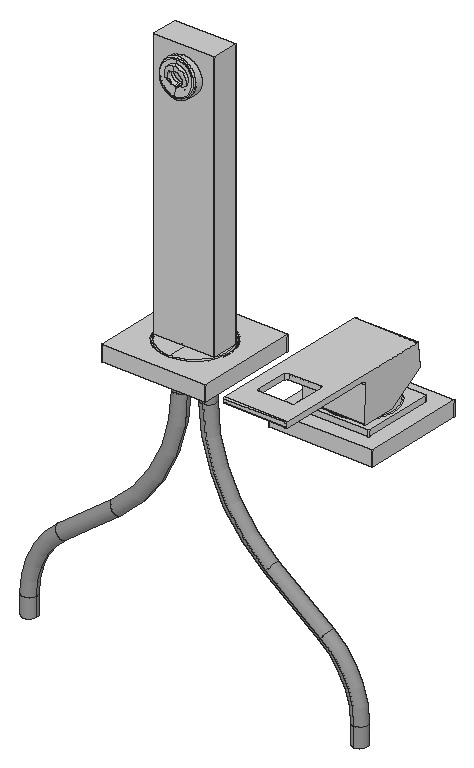
Revit family "Plumbing_Fixtures-Grohe-Eurocube-Two_Hole_Basin_Mixer-12-METRIC", category Plumbing Fixtures, host Face, Revit 2012
Parameters (values of type "19 895 000_Chrome")
  _distributed by = "www.bimstore.co.uk"
  _current revision = 1
  _created date = "September 2013"
  _created by = "Ryan Wigham"
  _BIMspec_GUID = 0
  Waste Connection = no
  WarrantyStartDate = ""
  WarrantyGuarantorParts = ""
  WarrantyGuarantorLabor = ""
  WarrantyDurationUnit = ""
  WarrantyDurationParts = ""
  WarrantyDurationLabor = ""
  WarrantyDuration = ""
  WarrantyDescription = ""
  Warranty Infomation = "N/A"
  WFU = 0
  Vent Connection = no
  Valve Spacing = 34 mm
  Uniclass2 = ""
  URL = "www.grohe.com"
  TypeName = ""
  Type Comments = "Two hole basin mixer. Wall mounted."
  TagNumber = 0
  SpareParts = "http://www.grohe.com/uk/5535/bathroom/tap-mixer/eurocube/product-details/?product=19895-G318&color=000"
  SerialNumber = 0
  ReplacementCost = ""
  Product Page URL = "http://www.grohe.com/uk/5535/bathroom/tap-mixer/eurocube/product-details/?product=19895-G318&color=000"
  Product Documentation Link = "http://cdn08.grohe.com/lib/1/tpi/1511120.pdf"
  Percentage of Recycled Content = 0
  Operating Pressure = "1 bar"
  Valve Offset [instance] = 0 mm
  Name = Model  # "Eurocube 19895 000"
  ModelNumber = Model  # "Eurocube 19895 000"
  Model = "Eurocube 19895 000"
  Mixing Leaver = no
  Material = Grohe-Chrome
  Masterformat Title [instance] = "Residential Faucets, Supplies & Trim"
  Masterformat Number [instance] = "22 41 39"
  Manufacturer = "Grohe AG"
  MaintenanceInformation = "http://cdn08.grohe.com/lib/1/tpi/1734224.pdf"
  Low Emitting Material = yes
  LEED Credit = ""
  Keynote = "N13"
  InstallationDate = ""
  Industry Standards = "N/A"
  Hot Water Radius = Hot Water Conection Diamiter / 2  # 4.8 mm
  Hot Water Conection Diamiter = 9.6 mm
  HWFU = 4.5
  HW Connection = yes
  Flow Rate = "9L/min"
  ExpectedLife = 0
  Exidentifier = ""
  Ecojoy = no
  DurationUnit = ""
  Description = "2-hole basin mixer wall mounted set for final installation for 32635000 without concealed body metal lever GROHE StarLight® chrome finish metal escutcheon GROHE AquaGuide adjustable mousseur centre distance 110 mm projection 171 mm"
  Default Elevation = 600 mm
  CreatedOn = ""
  CreatedBy = ""
  Cost = 0
  Contact Grohe = "GROHE Limited, World Business Centre 2, Newall Road, London Heathrow Airport, Hounslow, Middlesex, TW6 2SF - Tel: +44 (0) 871 200 3414 - Fax: +44 (0) 871 200 3415 - EMail: info-uk@grohe.com"
  Cold Water Radius = Cold Water Conection Diamiter / 2  # 4.8 mm
  Cold Water Conection Diamiter = 9.6 mm
  CWFU = 4.5
  CW Connection = yes
  Barcode = 0
  AssetType = ""
  AssetIdentifier = ""
  Assembly Code = "C1030220"
  AccessibilityPerformance = ""
  ADA Compliant = yes
Reference planes
  plane 1 "Center (Front/Back)": y = 0
  plane 2: z = 0
  plane 3 "Center (Left/Right)": x = 0
  plane 4: z = 0
  plane 5: z = -190.227
  plane 6: x = 55
  plane 7 "Lever CL": x = 110
Forms (mm)
  Sweep 1, solid, material "Grohe-Pipework"
    path in 3D
      loop
        line (-108.829, 0, -190.227) -> (-108.829, 0, -177.649)
        arc (-108.829, 0, -177.649) -> (-103.051, 0, -153.108) -> (-86.929, 0, -133.724) r 55
        line (-86.929, 0, -133.724) -> (-50.809, 0, -106.506)
        arc (-50.809, 0, -106.506) -> (-20.032, 0, -69.5) -> (-9, 0, -22.649) r 105
        line (-9, 0, -22.649) -> (-9, 0, 0)
    profile origin (-20.032, 0, -69.5) x (-0.894934, 0, 0.446198) y (0, -1, 0)
      loop
        circle (0, 0) r 4.75
  Sweep 2, solid, material "Grohe-Pipework"
    path in 3D
      loop
        line (9, 0, 0) -> (9, 0, -22.649)
        arc (9, 0, -22.649) -> (20.032, 0, -69.5) -> (50.809, 0, -106.506) r 105
        line (50.809, 0, -106.506) -> (86.929, 0, -133.724)
        arc (86.929, 0, -133.724) -> (103.051, 0, -153.108) -> (108.829, 0, -177.649) r 55
        line (108.829, 0, -177.649) -> (108.829, 0, -190.227)
    profile origin (9, 0, -11.324) x (0, -1, 0) y (1, 0, 0)
      loop
        circle (0, 0) r 4.75
  Extrusion 3, solid, material "Grohe-Chrome" <- "Material"
    sketch origin (0, 0, 0) x (1, 0, 0) y (0, 1, 0)
      loop
        line (33.5, 34) -> (-33.5, 34)
        arc (-33.5, 34) -> (-33.854, 33.853) -> (-34, 33.5) r 0.5
        line (-34, 33.5) -> (-34, -33.5)
        arc (-34, -33.5) -> (-33.854, -33.854) -> (-33.5, -34) r 0.5
        line (-33.5, -34) -> (33.5, -34)
        arc (33.5, -34) -> (33.854, -33.854) -> (34, -33.5) r 0.5
        line (34, -33.5) -> (34, 33.5)
        arc (34, 33.5) -> (33.854, 33.853) -> (33.5, 34) r 0.5
      loop
        line (76.5, -34) -> (143.5, -34)
        arc (143.5, -34) -> (143.854, -33.853) -> (144, -33.5) r 0.5
        line (144, -33.5) -> (144, 33.5)
        arc (144, 33.5) -> (143.854, 33.854) -> (143.5, 34) r 0.5
        line (143.5, 34) -> (76.5, 34)
        arc (76.5, 34) -> (76.147, 33.854) -> (76, 33.5) r 0.5
        line (76, 33.5) -> (76, -33.5)
        arc (76, -33.5) -> (76.147, -33.853) -> (76.5, -34) r 0.5
      loop
        circle (0, 0) r 23.1
    from 0 to 10
  Revolve 4, solid, material "Grohe-Chrome" <- "Material"
    sketch origin (0, 0, 0) x (0, 1, 0) y (0, 0, 1)
      loop
        line (21.479, 10) -> (0, 10) -> (0, 0) -> (23.099, 0) -> (23.099, 9.5) -> (21.979, 9.5)
        arc (21.979, 9.5) -> (21.833, 9.854) -> (21.479, 10) r 0.5
      axis (0, 10) -> (0, 0)
    angle from 0 to 360
  Extrusion 5, solid, material "Grohe-Chrome" <- "Material"
    sketch origin (0, 0, 0) x (1, 0, 0) y (0, 1, 0)
      loop
        arc (-19.5, 9) -> (-19.854, 8.853) -> (-20, 8.5) r 0.5
        line (-20, 8.5) -> (-20, -8.5)
        arc (-20, -8.5) -> (-19.854, -8.854) -> (-19.5, -9) r 0.5
        line (-19.5, -9) -> (19.5, -9)
        arc (19.5, -9) -> (19.854, -8.854) -> (20, -8.5) r 0.5
        line (20, -8.5) -> (20, 8.5)
        arc (20, 8.5) -> (19.854, 8.853) -> (19.5, 9) r 0.5
        line (19.5, 9) -> (-19.5, 9)
    from 10.5 to 187.355
  Revolve 6, solid, material "Grohe-Chrome" <- "Material"
    sketch origin (0, 0, 0) x (0, 1, 0) y (0, 0, 1)
      loop
        line (-9, 158.198) -> (-9, 170.043) -> (-15.299, 170.595) -> (-16.222, 160.044) -> (-15.876, 159.302)
        arc (-15.876, 159.302) -> (-15.543, 158.905) -> (-15.057, 158.728) r 1
        line (-15.057, 158.728) -> (-9, 158.198)
      axis (-7.972, 169.954) -> (-15.299, 170.595)
    angle from 0 to 360
  Revolve 7, solid, material "Grohe-Chrome" <- "Material"
    sketch origin (0, 0, 0) x (0, 1, 0) y (0, 0, 1)
      loop
        spline (-16.704, 178.215) -> (-16.776, 178.116) -> (-16.833, 177.898) -> (-16.874, 177.566) -> (-16.899, 177.124) -> (-16.906, 176.579) -> (-16.897, 175.938) -> (-16.87, 175.211) -> (-16.827, 174.408) -> (-16.769, 173.542) -> (-16.695, 172.624) -> (-16.607, 171.668) -> (-16.506, 170.689)
        line (-16.506, 170.689) -> (-13.337, 171.191) -> (-14.567, 178.961)
        arc (-14.567, 178.961) -> (-15.66, 178.657) -> (-16.704, 178.215) r 8.775
      axis (-16.506, 170.689) -> (-13.337, 171.191)
    angle from 0 to 360
  Revolve 8, solid, material "Grohe-Chrome" <- "Material"
    sketch origin (0, 0, 0) x (0, 1, 0) y (0, 0, 1)
      loop
        line (0, 11.455) -> (0, 10) -> (7.882, 10) -> (8.5, 10.5) -> (8.5, 11.455) -> (0, 11.455)
      axis (0, 11.455) -> (0, 10)
    angle from 0 to 360
  Extrusion 9, solid, material "Grohe-Chrome" <- "Material"
    sketch origin (0, 0, 0) x (1, 0, 0) y (0, 1, 0)
      loop
        line (86.85, -23.65) -> (133.15, -23.65)
        arc (133.15, -23.65) -> (133.504, -23.504) -> (133.65, -23.15) r 0.5
        line (133.65, -23.15) -> (133.65, 23.15)
        arc (133.65, 23.15) -> (133.504, 23.503) -> (133.15, 23.65) r 0.5
        line (133.15, 23.65) -> (86.85, 23.65)
        arc (86.85, 23.65) -> (86.496, 23.503) -> (86.35, 23.15) r 0.5
        line (86.35, 23.15) -> (86.35, -23.15)
        arc (86.35, -23.15) -> (86.496, -23.504) -> (86.85, -23.65) r 0.5
    from 10 to 13.6
  Extrusion 10, solid, material "Grohe-Chrome" <- "Material"
    sketch origin (0, 0, 0) x (0, 1, 0) y (0, 0, 1)
      loop
        line (21.706, 30.164) -> (20.411, 44.965)
        arc (20.411, 44.965) -> (20.242, 45.307) -> (19.886, 45.445) r 0.526
        line (19.886, 45.445) -> (-86.934, 45.445)
        arc (-86.934, 45.445) -> (-87.287, 45.299) -> (-87.434, 44.945) r 0.5
        line (-87.434, 44.945) -> (-87.434, 42.445)
        arc (-87.434, 42.445) -> (-87.287, 42.092) -> (-86.934, 41.945) r 0.5
        line (-86.934, 41.945) -> (-25.276, 41.945)
        arc (-25.276, 41.945) -> (-23.122, 41.034) -> (-22.277, 38.853) r 3
        line (-22.277, 38.853) -> (-22.986, 15.91)
        arc (-22.986, 15.91) -> (-22.845, 15.547) -> (-22.487, 15.395) r 0.5
        line (-22.487, 15.395) -> (-1.119, 15.395) -> (21.338, 29.427)
        arc (21.338, 29.427) -> (21.626, 29.743) -> (21.706, 30.164) r 0.789
    from 89.369 to 130.632
  Extrusion 11, void
    sketch origin (0, 0, 0) x (1, 0, 0) y (0, 1, 0)
      loop
        line (97.75, -48.987) -> (97.75, -69.442)
        arc (97.75, -69.442) -> (98.336, -70.856) -> (99.75, -71.442) r 2
        line (99.75, -71.442) -> (120.233, -71.442)
        arc (120.233, -71.442) -> (121.648, -70.856) -> (122.233, -69.442) r 2
        line (122.233, -69.442) -> (122.233, -48.97)
        arc (122.233, -48.97) -> (121.653, -47.568) -> (120.251, -46.987) r 1.983
        line (120.251, -46.987) -> (99.75, -46.987)
        arc (99.75, -46.987) -> (98.336, -47.573) -> (97.75, -48.987) r 2
    from 15.395 to 70.656
  Revolve 12, solid, material "Grohe-Chrome" <- "Material"
    sketch origin (110, 0, 0) x (0, -1, 0) y (0, 0, 1)
      loop
        arc (-13.777, 24.702) -> (-18.033, 19.956) -> (-20.719, 14.174) r 21.6
        arc (-20.719, 14.174) -> (-21.007, 13.76) -> (-21.485, 13.6) r 0.8
        line (-21.485, 13.6) -> (0, 13.6) -> (0, 16.094) -> (-13.777, 24.702)
      axis (0, 24.702) -> (0, 13.6)
    angle from 0 to 360
  Revolve 13, void
    sketch origin (0, 0, 0) x (0, 1, 0) y (0, 0, 1)
      loop
        line (-11.572, 171.471) -> (-12.354, 176.409) -> (-20.766, 175.077) -> (-19.984, 170.138) -> (-11.572, 171.471)
      axis (-19.984, 170.138) -> (-11.572, 171.471)
    angle from 0 to 360
Cuts and joins
  Revolve 13 cuts Revolve 6
  joined: Extrusion 5, Revolve 6, Revolve 8
  Extrusion 11 cuts Extrusion 10
  joined: Extrusion 10, Revolve 12
  Revolve 13 cuts Revolve 7
Lines and regions (mm)
  reference lines
    curve 1: line (-9, 0, 0) -> (-9, 0, -22.649)
    curve 2: line (-50.809, 0, -106.506) -> (-86.929, 0, -133.724)
    curve 3: line (-108.829, 0, -177.649) -> (-108.829, 0, -190.227)
    curve 4: arc (-108.829, 0, -177.649) -> (-103.051, 0, -153.108) -> (-86.929, 0, -133.724) r 55
    curve 5: arc (-50.809, 0, -106.506) -> (-20.032, 0, -69.5) -> (-9, 0, -22.649) r 105
    curve 6: line (9, 0, 0) -> (9, 0, -22.649)
    curve 7: line (50.809, 0, -106.506) -> (86.929, 0, -133.724)
    curve 8: line (108.829, 0, -177.649) -> (108.829, 0, -190.227)
    curve 9: arc (108.829, 0, -177.649) -> (103.051, 0, -153.108) -> (86.929, 0, -133.724) r 55
    curve 10: arc (50.809, 0, -106.506) -> (20.032, 0, -69.5) -> (9, 0, -22.649) r 105
    curve 23: line (0, -3.438, 169.557) -> (0, -20.66, 171.064)
    curve 24: line (0, -16.461, 170.696) -> (0, -5.012, 172.51)
  sketch lines
    curve 11: arc (-50.809, 0, -106.506) -> (-20.032, 0, -69.5) -> (-9, 0, -22.649) r 105
    curve 12: line (-9, 0, 0) -> (-9, 0, -22.649)
    curve 13: arc (-108.829, 0, -177.649) -> (-103.051, 0, -153.108) -> (-86.929, 0, -133.724) r 55
    curve 14: line (-50.809, 0, -106.506) -> (-86.929, 0, -133.724)
    curve 15: line (-108.829, 0, -177.649) -> (-108.829, 0, -190.227)
    curve 16: line (9, 0, 0) -> (9, 0, -22.649)
    curve 17: arc (50.809, 0, -106.506) -> (20.032, 0, -69.5) -> (9, 0, -22.649) r 105
    curve 18: line (50.809, 0, -106.506) -> (86.929, 0, -133.724)
    curve 19: arc (108.829, 0, -177.649) -> (103.051, 0, -153.108) -> (86.929, 0, -133.724) r 55
    curve 20: line (108.829, 0, -177.649) -> (108.829, 0, -190.227)
  symbolic lines, style "PlumbingFixturesHiddenLines"
    curve 21: line (0, 60, -31.3) -> (0, -60, -31.3)
    curve 22: line (-63.338, 0, -31.3) -> (63.338, 0, -31.3)
Dimensions and locks
  "Valve Offset": plane 4 to level
  locked: level to plane 5 at 190.227
  aligned and locked: plane 2 to host face
  aligned and locked: level to host face
Automatic sketch dimensions
  host sketch curve to host sketch curve = 2438.4 mm  (x2)
  plane 1 "Center (Front/Back)" to curve 22 = 0 mm
  plane 1 "Center (Front/Back)" to curve 21 = 60 mm
  curve 21 to plane 1 "Center (Front/Back)" = 60 mm
  plane 3 "Center (Left/Right)" to curve 22 = 63.338 mm
  curve 22 to plane 3 "Center (Left/Right)" = 63.338 mm
  Sweep 1 sketch curve to profile plane = 0 mm
  profile plane to Sweep 1 sketch curve = 0 mm
  Sweep 2 sketch curve to profile plane = 0 mm
  profile plane to Sweep 2 sketch curve = 0 mm
  curve 3 to plane 5 = 0 mm
  curve 1 to level = 0 mm
  curve 6 to level = 0 mm
  curve 8 to plane 5 = 0 mm
  curve 5 to level = 22.649 mm
  curve 5 to plane 3 "Center (Left/Right)" = 114 mm
  plane 5 to curve 4 = 12.578 mm
  curve 4 to plane 3 "Center (Left/Right)" = 108.829 mm
  plane 5 to curve 2 = 56.503 mm
  curve 3 to curve 2 = 21.9 mm
  curve 4 to curve 5 = 36.12 mm
  curve 1 to plane 3 "Center (Left/Right)" = 9 mm
  plane 3 "Center (Left/Right)" to curve 6 = 9 mm
  plane 3 "Center (Left/Right)" to curve 7 = 50.809 mm
  plane 5 to curve 9 = 12.578 mm
  plane 3 "Center (Left/Right)" to curve 9 = 53.829 mm
  curve 10 to curve 7 = 36.12 mm
  curve 9 to curve 8 = 55 mm
  curve 10 to level = 22.649 mm
  curve 6 to curve 10 = 105 mm
  Extrusion 3 sketch curve to plane 3 "Center (Left/Right)" = 0 mm
  Extrusion 3 sketch curve to plane 3 "Center (Left/Right)" = 33.5 mm  (x2)
  Extrusion 3 sketch curve to Extrusion 3 sketch curve = 0.5 mm  (x5)
  Extrusion 3 sketch curve to plane 6 = 21.5 mm  (x2)
  plane 6 to Extrusion 3 sketch curve = 21 mm
  Extrusion 3 sketch curve to Extrusion 3 sketch curve = 67 mm  (x2)
  plane 1 "Center (Front/Back)" to Extrusion 3 sketch curve = 34 mm  (x2)
  plane 1 "Center (Front/Back)" to Extrusion 3 sketch curve = 0 mm
  Extrusion 3 sketch curve to plane 1 "Center (Front/Back)" = 33.5 mm  (x2)
  Revolve 4 sketch curve to plane 1 "Center (Front/Back)" = 0 mm  (x2)
  Revolve 4 sketch curve to level = 0 mm
  Revolve 4 sketch curve to Revolve 4 sketch curve = 0.5 mm
  Revolve 4 sketch curve to Revolve 4 sketch curve = 1.12 mm
  Revolve 4 sketch curve to level = 7.904 mm
  Revolve 4 sketch curve to Revolve 4 sketch curve = 7.096 mm
  Revolve 4 sketch curve to Revolve 4 sketch curve = 21.479 mm
  level to Revolve 4 sketch curve = 9.5 mm
  Extrusion 5 sketch curve to plane 3 "Center (Left/Right)" = 20 mm
  Extrusion 5 sketch curve to Extrusion 5 sketch curve = 0.5 mm  (x3)
  plane 1 "Center (Front/Back)" to Extrusion 5 sketch curve = 9 mm
  plane 3 "Center (Left/Right)" to Extrusion 5 sketch curve = 19.5 mm
  Extrusion 5 sketch curve to Extrusion 5 sketch curve = 0 mm
  Extrusion 5 sketch curve to plane 1 "Center (Front/Back)" = 8.5 mm
  Revolve 6 sketch curve to Revolve 6 sketch curve = 0.346 mm
  Revolve 6 sketch curve to Revolve 6 sketch curve = 0.819 mm
  Revolve 6 sketch curve to Revolve 6 sketch curve = 0.087 mm
  level to Revolve 6 sketch curve = 158.198 mm
  Revolve 6 sketch curve to Revolve 6 sketch curve = 0.53 mm
  Revolve 6 sketch curve to Revolve 6 sketch curve = 0.574 mm
  Revolve 6 sketch curve to Revolve 6 sketch curve = 0.743 mm
  Revolve 6 sketch curve to Revolve 6 sketch curve = 0.923 mm
  plane 1 "Center (Front/Back)" to Revolve 6 sketch curve = 9 mm
  Revolve 6 sketch curve to Revolve 6 sketch curve = 0.551 mm
  Revolve 6 sketch curve to Revolve 6 sketch curve = 5.97 mm
  curve 23 to curve 24 = 4.199 mm
  plane 1 "Center (Front/Back)" to curve 24 = 5.012 mm
  curve 24 to curve 23 = 1.573 mm
  level to curve 23 = 169.557 mm
  curve 23 to curve 24 = 1.139 mm
  curve 24 to curve 23 = 0.367 mm
  curve 23 to curve 24 = 2.953 mm
  Revolve 7 sketch curve to Revolve 7 sketch curve = 0.198 mm
  Revolve 7 sketch curve to Revolve 7 sketch curve = 0.77 mm
  Revolve 7 sketch curve to Revolve 7 sketch curve = 2.137 mm
  Revolve 7 sketch curve to Revolve 7 sketch curve = 1.717 mm
  Revolve 7 sketch curve to Revolve 7 sketch curve = 0.57 mm
  plane 1 "Center (Front/Back)" to Revolve 7 sketch curve = 13.337 mm
  level to Revolve 7 sketch curve = 161.838 mm
  Revolve 7 sketch curve to Revolve 7 sketch curve = 0.343 mm
  Revolve 7 sketch curve to Revolve 7 sketch curve = 0.659 mm
  Revolve 7 sketch curve to Revolve 7 sketch curve = 0.818 mm
  Revolve 8 sketch curve to plane 1 "Center (Front/Back)" = 0 mm  (x2)
  Revolve 8 sketch curve to Revolve 8 sketch curve = 7.882 mm
  Revolve 8 sketch curve to Revolve 8 sketch curve = 0.617 mm
  level to Revolve 8 sketch curve = 7.869 mm
  Revolve 8 sketch curve to Revolve 8 sketch curve = 2.131 mm
  Revolve 8 sketch curve to Revolve 8 sketch curve = 0.5 mm
  Revolve 8 sketch curve to Revolve 8 sketch curve = 1.455 mm
  Revolve 8 sketch curve to Revolve 8 sketch curve = 3.121 mm
  plane 6 to Extrusion 9 sketch curve = 31.35 mm
  Extrusion 9 sketch curve to Extrusion 9 sketch curve = 0.5 mm  (x3)
  Extrusion 9 sketch curve to plane 1 "Center (Front/Back)" = 23.15 mm
  Extrusion 9 sketch curve to Extrusion 9 sketch curve = 0 mm
  plane 1 "Center (Front/Back)" to Extrusion 9 sketch curve = 23.15 mm
  Extrusion 9 sketch curve to Extrusion 9 sketch curve = 46.3 mm
  plane 1 "Center (Front/Back)" to Extrusion 10 sketch curve = 87.434 mm
  Extrusion 10 sketch curve to Extrusion 10 sketch curve = 0.5 mm  (x3)
  plane 1 "Center (Front/Back)" to Extrusion 10 sketch curve = 25.276 mm
  plane 1 "Center (Front/Back)" to Extrusion 10 sketch curve = 22.986 mm
  Extrusion 10 sketch curve to Extrusion 10 sketch curve = 2.999 mm
  plane 1 "Center (Front/Back)" to Extrusion 10 sketch curve = 1.119 mm
  Extrusion 10 sketch curve to plane 1 "Center (Front/Back)" = 19.886 mm
  Extrusion 10 sketch curve to Extrusion 10 sketch curve = 0.524 mm
  Extrusion 10 sketch curve to Extrusion 10 sketch curve = 22.039 mm
  Extrusion 10 sketch curve to Extrusion 10 sketch curve = 0.418 mm
  Extrusion 10 sketch curve to Extrusion 10 sketch curve = 0.786 mm
  Extrusion 10 sketch curve to Extrusion 10 sketch curve = 3 mm
  Extrusion 10 sketch curve to Extrusion 10 sketch curve = 0.069 mm
  Extrusion 10 sketch curve to Extrusion 10 sketch curve = 14.032 mm
  level to Extrusion 10 sketch curve = 15.91 mm
  Extrusion 10 sketch curve to Extrusion 10 sketch curve = 0.015 mm
  Extrusion 10 sketch curve to Extrusion 10 sketch curve = 14.824 mm
  Extrusion 10 sketch curve to Extrusion 10 sketch curve = 2.5 mm
  Extrusion 10 sketch curve to Extrusion 10 sketch curve = 0.046 mm
  Extrusion 11 sketch curve to Extrusion 11 sketch curve = 2 mm  (x2)
  Extrusion 11 sketch curve to Extrusion 11 sketch curve = 20.483 mm
  Extrusion 11 sketch curve to Extrusion 11 sketch curve = 0.017 mm
  Extrusion 11 sketch curve to Extrusion 11 sketch curve = 1.983 mm
  Extrusion 11 sketch curve to Extrusion 11 sketch curve = 20.454 mm
  plane 6 to Extrusion 11 sketch curve = 42.75 mm
  plane 1 "Center (Front/Back)" to Extrusion 11 sketch curve = 71.442 mm
  curve 21 to plane 3 "Center (Left/Right)" = 0 mm
  Revolve 12 sketch curve to plane 1 "Center (Front/Back)" = 0 mm  (x3)
  Revolve 12 sketch curve to plane 1 "Center (Front/Back)" = 13.777 mm
  Revolve 12 sketch curve to Revolve 12 sketch curve = 6.941 mm
  Revolve 12 sketch curve to Revolve 12 sketch curve = 0 mm  (x3)
  Revolve 12 sketch curve to Revolve 12 sketch curve = 0.767 mm
  Revolve 12 sketch curve to Revolve 12 sketch curve = 0.001 mm
  Revolve 12 sketch curve to level = 0.333 mm
  level to Revolve 12 sketch curve = 8.067 mm
  Revolve 12 sketch curve to Revolve 12 sketch curve = 5.533 mm
  Revolve 12 sketch curve to Revolve 12 sketch curve = 2.494 mm
  Revolve 12 sketch curve to Revolve 12 sketch curve = 13.573 mm
  plane 1 "Center (Front/Back)" to Revolve 13 sketch curve = 20.766 mm
  Revolve 13 sketch curve to Revolve 13 sketch curve = 0.782 mm
  Revolve 13 sketch curve to Revolve 13 sketch curve = 3.523 mm
  Revolve 13 sketch curve to Revolve 13 sketch curve = 4.107 mm
  plane 1 "Center (Front/Back)" to Revolve 13 sketch curve = 5.012 mm
  level to Revolve 13 sketch curve = 170.138 mm
  Revolve 13 sketch curve to Revolve 13 sketch curve = 0.558 mm
  Revolve 13 sketch curve to Revolve 13 sketch curve = 0.774 mm
  Revolve 13 sketch curve to Revolve 13 sketch curve = 1.039 mm
  radius of Sweep 1 sketch curve = 4.75 mm
  radius of Sweep 2 sketch curve = 4.75 mm
  radius of Extrusion 3 sketch curve = 23.1 mm
Connectors
  piping at (-108.829, 0, -190.227), driven by "Hot Water Radius", driven by "CWFU"
    settings: on Sweep 1, index 1, connector radius 0.18898", flow factor 0, pipe flow 0 GPM, pressure drop 3.00 psi, fitting loss kfactor 0, connector angle 0.00°, fixture units 4.5, engagement length 0 mm, flow configuration 3, flow direction 1, fitting loss method 4, system type 19, joint type 0, gender type 0, connector reference index -1, connector utility 0, adjustable connector no, is connector primary yes, fitting loss table "", connector description "Hot Water In"
  piping at (108.829, 0, -190.227), driven by "Cold Water Radius", driven by "HWFU"
    settings: on Sweep 2, index 2, connector radius 0.18898", flow factor 0, pipe flow 0 GPM, pressure drop 3.00 psi, fitting loss kfactor 0, connector angle 0.00°, fixture units 4.5, engagement length 0 mm, flow configuration 3, flow direction 1, fitting loss method 4, system type 20, joint type 0, gender type 0, connector reference index -1, connector utility 0, adjustable connector no, is connector primary no, fitting loss table "", connector description "Cold Water In"
